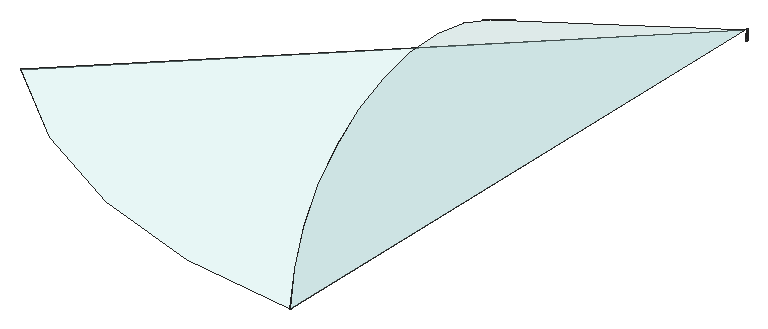
Revit family "Rotor 5000 Series - 5004+PCSAMRNS", category Acessórios do tubo, Revit 2020
Family settings
  Cota do conector redondo = Utilizar diâmetro
  Tipo de parte = Normal
  Número OmniClass = 23.60.30.11.14
  Título OmniClass = Pipework Fittings
  Com base no plano de trabalho = Não
  Sempre na vertical = Sim
  Corte com vazios quando carregada = Não
  Compartilhado = Não
Parameters (values of type "Rain Curtain 6.0")
  Water = Water
  URL = "https://www.rainbird.com/"
  TABLE 65 = "TABLE 65psi"
  TABLE 55 75 = "TABLE 55 75psi"
  TABLE 55 = "TABLE 55psi"
  TABLE 45 = "TABLE 45psi"
  TABLE 35 = "TABLE 35psi"
  TABLE 25 = "TABLE 25psi"
  SupportProjetos: Reviw Date = ""  # constant formula
  SupportProjetos: Reviw = "R00"  # constant formula
  SupportProjetos: Level of Detail = "LOD 300"  # constant formula
  SupportProjetos: Developed = "MICHEL SOARES MOTA"  # constant formula
  SupportProjetos: Creation Date = "07/08/2020"  # constant formula
  Side inlet = no
  Rotation Water Visibility [instance] = Pop up on  # yes
  Rotation Angle [instance] = 45.00°
  RainBird: Product Link = "https://www.rainbird.com/"
  RainBird: Description = "5004+PC-SAM-R-NP-S Rotor "  # constant formula
  RainBird: Comment [instance] = ""
  RainBird: Code = ""  # constant formula
  Radius [instance] = if(and(Pressure = 25.0 psi, Instance < 25 ft), size_lookup(TABLE 25, "Radius", 0 ft, Instance), if(and(Pressure = 35.0 psi, Instance < 25 ft), size_lookup(TABLE 35, "Radius", 0 ft, Instance), if(and(Pressure = 45.0 psi, Instance < 25 ft), size_lookup(TABLE 45, "Radius", 0 ft, Instance), if(and(Pressure = 55.0 psi, Instance < 13 ft), size_lookup(TABLE 55, "Radius", 0 ft, Instance), if(and(Pressure = 65.0 psi, Instance < 13 ft), size_lookup(TABLE 65, "Radius", 0 ft, Instance), if(and(Pressure > 55.0 psi, Instance > 13 ft), size_lookup(TABLE 55 75, "Radius", 0 ft, Instance), 0 ft))))))  # 50 ft
  RT = 0.009893 ft
  RN = 0.032808 ft
  R5 = 0.03937 ft
  R4 = 0.04101 ft
  R3 = 0.065617 ft
  R2 = 0.075407 ft
  R1 = 0.032808 ft
  Pressure [instance] = 55.0 psi
  Pop up height = 0.334646 ft
  Pop up on [instance] = yes
  Modelo = "5004+PCSAMRNS"  # constant formula
  Instance = 7 ft
  H1 = Body height / 3  # 0.194663 ft
  Flow [instance] = if(and(Pressure = 25.0 psi, Instance < 25 ft), size_lookup(TABLE 25, "Flow", 0.0 GPM, Instance), if(and(Pressure = 35.0 psi, Instance < 25 ft), size_lookup(TABLE 35, "Flow", 0.0 GPM, Instance), if(and(Pressure = 45.0 psi, Instance < 25 ft), size_lookup(TABLE 45, "Flow", 0.0 GPM, Instance), if(and(Pressure = 55.0 psi, Instance < 13 ft), size_lookup(TABLE 55, "Flow", 0.0 GPM, Instance), if(and(Pressure = 65.0 psi, Instance < 13 ft), size_lookup(TABLE 65, "Flow", 0.0 GPM, Instance), if(and(Pressure > 55.0 psi, Instance > 13 ft), size_lookup(TABLE 55 75, "Flow", 0.0 GPM, Instance), 0.0 GPM))))))  # 6.63 GPM
  Fabricante = "Rain Bird"
  Elevação padrão = 0 ft
  Description = RainBird: Description  # "5004+PC-SAM-R-NP-S Rotor "
  DD13 = 0.002625 ft
  DD12 = 0.003937 ft
  DD11 = 0.009897 ft
  DD10 = 0.016404 ft
  DD8 [instance] = if(Pop up on, Pop up height, 0 ft)  # 0.334646 ft
  DD7 = 0.019685 ft
  DD6 [instance] = 0.016404 ft
  DD5 = 0.065617 ft
  DD4 = 0.032808 ft
  DD3 = 0.091048 ft
  DD2 [instance] = 0.024514 ft
  DD9 [instance] = if(Pop up on, Pop up height + 0.049541 ft, 0 ft)  # 0.384186 ft
  DD1 = 0.006562 ft
  Conection = 0.062664 ft  # constant formula
  Body height = 0.58399 ft
  Blue = Blue Plastic
  Black Plastic = Black Plastic
  Angle = 25.00°
Types (25, lengths in ft): name | Rotation Angle | Radius | Pressure | Instance | Flow
  (no name) | 45.00° | 50 | 55.0 psi | 7 | 6.63 GPM
  Rain Curtain 1.5 | 180.00° | 33 | 25.0 psi | 1 | 1.12 GPM
  Rain Curtain 2.0 | 180.00° | 35 | 25.0 psi | 2 | 1.5 GPM
  Rain Curtain 3.0 | 180.00° | 36 | 25.0 psi | 4 | 2.26 GPM
  Rain Curtain 4.0 | 180.00° | 36 | 25.0 psi | 5 | 2.91 GPM
  Rain Curtain 5.0 | 180.00° | 37 | 25.0 psi | 6 | 3.72 GPM
  Rain Curtain 6.0 | 45.00° | 50 | 55.0 psi | 7 | 6.63 GPM
  Rain Curtain 8.0 | 180.00° | 33 | 25.0 psi | 8 | 5.9 GPM
  Rain Curtain 2.5 | 180.00° | 35 | 25.0 psi | 3 | 1.81 GPM
  1.0 LA | 180.00° | 25 | 25.0 psi | 9 | 0.76 GPM
  1.5 LA | 180.00° | 27 | 25.0 psi | 10 | 1.15 GPM
  2.0 LA | 180.00° | 29 | 25.0 psi | 11 | 1.47 GPM
  3.0 LA | 180.00° | 29 | 25.0 psi | 12 | 2.23 GPM
  PRS Rain Curtain 1.5 | 180.00° | 33 | 25.0 psi | 13 | 1.12 GPM
  PRS Rain Curtain 2.0 | 180.00° | 35 | 25.0 psi | 14 | 1.5 GPM
  PRS Rain Curtain 2.5 | 180.00° | 35 | 25.0 psi | 15 | 1.81 GPM
  PRS Rain Curtain 3.0 | 180.00° | 36 | 25.0 psi | 16 | 2.26 GPM
  PRS Rain Curtain 4.0 | 180.00° | 36 | 25.0 psi | 17 | 2.91 GPM
  PRS Rain Curtain 5.0 | 180.00° | 37 | 25.0 psi | 18 | 3.72 GPM
  PRS Rain Curtain 6.0 | 180.00° | 37 | 25.0 psi | 19 | 4.25 GPM
  PRS Rain Curtain 8.0 | 180.00° | 33 | 25.0 psi | 20 | 5.9 GPM
  PRS 1.0 LA | 180.00° | 25 | 25.0 psi | 21 | 0.76 GPM
  PRS 1.5 LA | 180.00° | 27 | 25.0 psi | 22 | 1.15 GPM
  PRS 2.0 LA | 180.00° | 29 | 25.0 psi | 23 | 1.47 GPM
  PRS 3.0 LA | 180.00° | 29 | 25.0 psi | 24 | 2.23 GPM
Reference planes (ft)
  plane 1 "Centro (Frente/Trás)": y = 0
  plane 2: z = 0
  plane 3 "Centro (Esquerda/Direita)": x = 0
  plane 4: z = 0.003937
  plane 5: z = 0.002625
  plane 6: y = -0.065617
Forms (ft)
  Revolve 1, solid, material "Black Plastic" <- "Black Plastic"
    sketch origin (0, 0, 0) x (1, 0, 0) y (0, 0, 1)
      loop
        line (0.075407, -0.091048) -> (0.075407, -0.035324)
        arc (0.075407, -0.035324) -> (0.072509, -0.028329) -> (0.065514, -0.025431) r 0.009893
        line (0.065514, -0.025431) -> (0.046098, -0.025431) -> (0.046098, 0) -> (0.03937, 0) -> (0.03937, -0.334646) -> (0.019685, -0.334646) -> (0.019685, -0.577428) -> (0.032808, -0.577428) -> (0.032808, -0.58399) -> (0.04101, -0.58399) -> (0.04101, -0.577428) -> (0.055724, -0.577428)
        arc (0.055724, -0.577428) -> (0.062719, -0.57453) -> (0.065617, -0.567535) r 0.009893
        line (0.065617, -0.567535) -> (0.065617, -0.091048) -> (0.075407, -0.091048)
      axis (0, -0.58399) -> (0, 0)
    angle from 0 to 360
  Extrusion 2, solid, material "Black Plastic" <- "Black Plastic"
    sketch origin (0, 0, 0) x (1, 0, 0) y (0, 1, 0)
      loop
        circle (0, 0) r 0.032808
    from -0.334646 to 0.334646
  Extrusion 3, void
    sketch origin (0, 0, 0) x (1, 0, 0) y (0, 1, 0)
      loop
        circle (0, 0) r 0.022844
    from -0.334646 to 0.334646
  Revolve 4, solid, material "Black Plastic" <- "Black Plastic"
    sketch origin (0, 0, 0) x (1, 0, 0) y (0, 0, 1)
      loop
        line (0, 0.334646) -> (0.037004, 0.334646) -> (0.037004, 0.344543)
        arc (0.037004, 0.344543) -> (0.01879, 0.349436) -> (0, 0.35105) r 0.10685
        line (0, 0.35105) -> (0, 0.334646)
      axis (0, 0.334646) -> (0, 0.35105)
    angle from 0 to 360
  Extrusion 5, solid, material "Blue Plastic" <- "Blue"
    sketch origin (0, 0, 0) x (1, 0, 0) y (0, 0, 1)
      loop
        circle (0, 0.310131) r 0.009129
      loop
        circle (0, 0.310131) r 0.004793
    from 0 to 0.034386
  Extrusion 6, void
    sketch origin (0, 0, 0) x (1, 0, 0) y (0, 0, 1)
      loop
        line (-0.02074, 0.328055) -> (-0.02074, 0.282426) -> (0.020672, 0.282426) -> (0.020672, 0.328055) -> (-0.02074, 0.328055)
      loop
        line (-0.018439, 0.325179) -> (-0.018439, 0.285685) -> (0.018179, 0.285685) -> (0.018179, 0.325179) -> (-0.018439, 0.325179)
    from 0.024556 to 0.06931
  Extrusion 7, solid, material "Black Plastic" <- "Black Plastic"
    sketch origin (0, 0, 0) x (1, 0, 0) y (0, 0, 1)
      loop
        line (0.046098, 0) -> (0.046098, -0.036876) -> (0.073493, -0.036876) -> (0.046098, 0)
    from -0.002998 to 0.002998
  Extrusion 8, solid, material "Black Plastic" <- "Black Plastic"
    sketch origin (0, 0, 0) x (-1, 0, 0) y (0, 0, -1)
      loop
        line (0.046098, 0) -> (0.073493, 0.036876) -> (0.046098, 0.036876) -> (0.046098, 0)
    from -0.002998 to 0.002998
  Extrusion 9, solid, material "Black Plastic" <- "Black Plastic"
    sketch origin (0, 0, 0) x (0.866025, 0.5, 0) y (0, 0, 1)
      loop
        line (0.046098, 0) -> (0.046098, -0.036876) -> (0.073493, -0.036876) -> (0.046098, 0)
    from -0.002998 to 0.002998
  Extrusion 10, solid, material "Black Plastic" <- "Black Plastic"
    sketch origin (0, 0, 0) x (-0.866025, -0.5, 0) y (0, 0, -1)
      loop
        line (0.046098, 0) -> (0.073493, 0.036876) -> (0.046098, 0.036876) -> (0.046098, 0)
    from -0.002998 to 0.002998
  Extrusion 11, solid, material "Black Plastic" <- "Black Plastic"
    sketch origin (0, 0, 0) x (0, 1, 0) y (0, 0, 1)
      loop
        line (0.046098, 0) -> (0.046098, -0.036876) -> (0.073493, -0.036876) -> (0.046098, 0)
    from -0.002998 to 0.002998
  Extrusion 12, solid, material "Black Plastic" <- "Black Plastic"
    sketch origin (0, 0, 0) x (0, -1, 0) y (0, 0, -1)
      loop
        line (0.046098, 0) -> (0.073493, 0.036876) -> (0.046098, 0.036876) -> (0.046098, 0)
    from -0.002998 to 0.002998
  Extrusion 13, solid, material "Black Plastic" <- "Black Plastic"
    sketch origin (0, 0, 0) x (0.5, 0.866025, 0) y (0, 0, 1)
      loop
        line (0.046098, 0) -> (0.046098, -0.036876) -> (0.073493, -0.036876) -> (0.046098, 0)
    from -0.002998 to 0.002998
  Extrusion 14, solid, material "Black Plastic" <- "Black Plastic"
    sketch origin (0, 0, 0) x (-0.5, -0.866025, 0) y (0, 0, -1)
      loop
        line (0.046098, 0) -> (0.073493, 0.036876) -> (0.046098, 0.036876) -> (0.046098, 0)
    from -0.002998 to 0.002998
  Extrusion 15, solid, material "Black Plastic" <- "Black Plastic"
    sketch origin (0, 0, 0) x (-0.5, 0.866025, 0) y (0, 0, 1)
      loop
        line (0.046098, 0) -> (0.046098, -0.036876) -> (0.073493, -0.036876) -> (0.046098, 0)
    from -0.002998 to 0.002998
  Extrusion 16, solid, material "Black Plastic" <- "Black Plastic"
    sketch origin (0, 0, 0) x (0.5, -0.866025, 0) y (0, 0, -1)
      loop
        line (0.046098, 0) -> (0.073493, 0.036876) -> (0.046098, 0.036876) -> (0.046098, 0)
    from -0.002998 to 0.002998
  Extrusion 17, solid, material "Black Plastic" <- "Black Plastic"
    sketch origin (0, 0, 0) x (-0.866025, 0.5, 0) y (0, 0, 1)
      loop
        line (0.046098, 0) -> (0.046098, -0.036876) -> (0.073493, -0.036876) -> (0.046098, 0)
    from -0.002998 to 0.002998
  Extrusion 18, solid, material "Black Plastic" <- "Black Plastic"
    sketch origin (0, 0, 0) x (0.866025, -0.5, 0) y (0, 0, -1)
      loop
        line (0.046098, 0) -> (0.073493, 0.036876) -> (0.046098, 0.036876) -> (0.046098, 0)
    from -0.002998 to 0.002998
  Extrusion 19, void
    sketch origin (0, 0, 0) x (1, 0, 0) y (0, 1, 0)
      loop
        line (-0.002998, 0.077702) -> (-0.002998, 0.071655) -> (0.002998, 0.071655) -> (0.002998, 0.077702) -> (-0.002998, 0.077702)
    from -0.091048 to 0.82021
  Extrusion 20, void
    sketch origin (0, 0, 0) x (1, 0, 0) y (0, 1, 0)
      loop
        line (0.002998, -0.077702) -> (0.002998, -0.071655) -> (-0.002998, -0.071655) -> (-0.002998, -0.077702) -> (0.002998, -0.077702)
    from -0.091048 to 0.82021
  Extrusion 21, void
    sketch origin (0, 0, 0) x (0.965926, 0.258819, 0) y (-0.258819, 0.965926, 0)
      loop
        line (-0.002998, 0.077702) -> (-0.002998, 0.071655) -> (0.002998, 0.071655) -> (0.002998, 0.077702) -> (-0.002998, 0.077702)
    from -0.091048 to 0.82021
  Extrusion 22, void
    sketch origin (0, 0, 0) x (0.965926, 0.258819, 0) y (-0.258819, 0.965926, 0)
      loop
        line (0.002998, -0.077702) -> (0.002998, -0.071655) -> (-0.002998, -0.071655) -> (-0.002998, -0.077702) -> (0.002998, -0.077702)
    from -0.091048 to 0.82021
  Extrusion 23, void
    sketch origin (0, 0, 0) x (0.866025, 0.5, 0) y (-0.5, 0.866025, 0)
      loop
        line (-0.002998, 0.077702) -> (-0.002998, 0.071655) -> (0.002998, 0.071655) -> (0.002998, 0.077702) -> (-0.002998, 0.077702)
    from -0.091048 to 0.82021
  Extrusion 24, void
    sketch origin (0, 0, 0) x (0.866025, 0.5, 0) y (-0.5, 0.866025, 0)
      loop
        line (0.002998, -0.077702) -> (0.002998, -0.071655) -> (-0.002998, -0.071655) -> (-0.002998, -0.077702) -> (0.002998, -0.077702)
    from -0.091048 to 0.82021
  Extrusion 25, void
    sketch origin (0, 0, 0) x (0.5, 0.866025, 0) y (-0.866025, 0.5, 0)
      loop
        line (-0.002998, 0.077702) -> (-0.002998, 0.071655) -> (0.002998, 0.071655) -> (0.002998, 0.077702) -> (-0.002998, 0.077702)
    from -0.091048 to 0.82021
  Extrusion 26, void
    sketch origin (0, 0, 0) x (0.5, 0.866025, 0) y (-0.866025, 0.5, 0)
      loop
        line (0.002998, -0.077702) -> (0.002998, -0.071655) -> (-0.002998, -0.071655) -> (-0.002998, -0.077702) -> (0.002998, -0.077702)
    from -0.091048 to 0.82021
  Extrusion 27, void
    sketch origin (0, 0, 0) x (0.707107, 0.707107, 0) y (-0.707107, 0.707107, 0)
      loop
        line (-0.002998, 0.077702) -> (-0.002998, 0.071655) -> (0.002998, 0.071655) -> (0.002998, 0.077702) -> (-0.002998, 0.077702)
    from -0.091048 to 0.82021
  Extrusion 28, void
    sketch origin (0, 0, 0) x (0.707107, 0.707107, 0) y (-0.707107, 0.707107, 0)
      loop
        line (0.002998, -0.077702) -> (0.002998, -0.071655) -> (-0.002998, -0.071655) -> (-0.002998, -0.077702) -> (0.002998, -0.077702)
    from -0.091048 to 0.82021
  Extrusion 29, void
    sketch origin (0, 0, 0) x (0.258819, 0.965926, 0) y (-0.965926, 0.258819, 0)
      loop
        line (-0.002998, 0.077702) -> (-0.002998, 0.071655) -> (0.002998, 0.071655) -> (0.002998, 0.077702) -> (-0.002998, 0.077702)
    from -0.091048 to 0.82021
  Extrusion 30, void
    sketch origin (0, 0, 0) x (0.258819, 0.965926, 0) y (-0.965926, 0.258819, 0)
      loop
        line (0.002998, -0.077702) -> (0.002998, -0.071655) -> (-0.002998, -0.071655) -> (-0.002998, -0.077702) -> (0.002998, -0.077702)
    from -0.091048 to 0.82021
  Extrusion 31, void
    sketch origin (0, 0, 0) x (0, 1, 0) y (-1, 0, 0)
      loop
        line (-0.002998, 0.077702) -> (-0.002998, 0.071655) -> (0.002998, 0.071655) -> (0.002998, 0.077702) -> (-0.002998, 0.077702)
    from -0.091048 to 0.82021
  Extrusion 32, void
    sketch origin (0, 0, 0) x (0, 1, 0) y (-1, 0, 0)
      loop
        line (0.002998, -0.077702) -> (0.002998, -0.071655) -> (-0.002998, -0.071655) -> (-0.002998, -0.077702) -> (0.002998, -0.077702)
    from -0.091048 to 0.82021
  Extrusion 33, void
    sketch origin (0, 0, 0) x (-0.258819, 0.965926, 0) y (-0.965926, -0.258819, 0)
      loop
        line (-0.002998, 0.077702) -> (-0.002998, 0.071655) -> (0.002998, 0.071655) -> (0.002998, 0.077702) -> (-0.002998, 0.077702)
    from -0.091048 to 0.82021
  Extrusion 34, void
    sketch origin (0, 0, 0) x (-0.258819, 0.965926, 0) y (-0.965926, -0.258819, 0)
      loop
        line (0.002998, -0.077702) -> (0.002998, -0.071655) -> (-0.002998, -0.071655) -> (-0.002998, -0.077702) -> (0.002998, -0.077702)
    from -0.091048 to 0.82021
  Extrusion 35, void
    sketch origin (0, 0, 0) x (-0.5, 0.866025, 0) y (-0.866025, -0.5, 0)
      loop
        line (-0.002998, 0.077702) -> (-0.002998, 0.071655) -> (0.002998, 0.071655) -> (0.002998, 0.077702) -> (-0.002998, 0.077702)
    from -0.091048 to 0.82021
  Extrusion 36, void
    sketch origin (0, 0, 0) x (-0.5, 0.866025, 0) y (-0.866025, -0.5, 0)
      loop
        line (0.002998, -0.077702) -> (0.002998, -0.071655) -> (-0.002998, -0.071655) -> (-0.002998, -0.077702) -> (0.002998, -0.077702)
    from -0.091048 to 0.82021
  Extrusion 37, void
    sketch origin (0, 0, 0) x (-0.707107, 0.707107, 0) y (-0.707107, -0.707107, 0)
      loop
        line (-0.002998, 0.077702) -> (-0.002998, 0.071655) -> (0.002998, 0.071655) -> (0.002998, 0.077702) -> (-0.002998, 0.077702)
    from -0.091048 to 0.82021
  Extrusion 38, void
    sketch origin (0, 0, 0) x (-0.707107, 0.707107, 0) y (-0.707107, -0.707107, 0)
      loop
        line (0.002998, -0.077702) -> (0.002998, -0.071655) -> (-0.002998, -0.071655) -> (-0.002998, -0.077702) -> (0.002998, -0.077702)
    from -0.091048 to 0.82021
  Extrusion 39, void
    sketch origin (0, 0, 0) x (-0.866025, 0.5, 0) y (-0.5, -0.866025, 0)
      loop
        line (-0.002998, 0.077702) -> (-0.002998, 0.071655) -> (0.002998, 0.071655) -> (0.002998, 0.077702) -> (-0.002998, 0.077702)
    from -0.091048 to 0.82021
  Extrusion 40, void
    sketch origin (0, 0, 0) x (-0.866025, 0.5, 0) y (-0.5, -0.866025, 0)
      loop
        line (0.002998, -0.077702) -> (0.002998, -0.071655) -> (-0.002998, -0.071655) -> (-0.002998, -0.077702) -> (0.002998, -0.077702)
    from -0.091048 to 0.82021
  Extrusion 41, void
    sketch origin (0, 0, 0) x (-0.965926, 0.258819, 0) y (-0.258819, -0.965926, 0)
      loop
        line (-0.002998, 0.077702) -> (-0.002998, 0.071655) -> (0.002998, 0.071655) -> (0.002998, 0.077702) -> (-0.002998, 0.077702)
    from -0.091048 to 0.82021
  Extrusion 42, void
    sketch origin (0, 0, 0) x (-0.965926, 0.258819, 0) y (-0.258819, -0.965926, 0)
      loop
        line (0.002998, -0.077702) -> (0.002998, -0.071655) -> (-0.002998, -0.071655) -> (-0.002998, -0.077702) -> (0.002998, -0.077702)
    from -0.091048 to 0.82021
  Extrusion 43, solid, material "Water" <- "Water", visible <- "Rotation Water Visibility"
    sketch origin (0, 0, 0) x (0, 1, 0) y (0, 0, 1)
      loop
        line (-0.032808, 0.310131) -> (-28.112196, 13.403765)
        arc (-28.112196, 13.403765) -> (-42.542576, 12.666347) -> (-50.032808, 0.310131) r 15.426605
        line (-50.032808, 0.310131) -> (-0.032808, 0.310131)
    from -0.008202 to 0.008202
Cuts and joins
  Extrusion 3, Extrusion 6 cuts Extrusion 2
  Extrusion 19, Extrusion 20, Extrusion 21, Extrusion 22, Extrusion 23, Extrusion 24, Extrusion 25, Extrusion 26, Extrusion 27, Extrusion 28, Extrusion 29, Extrusion 30, Extrusion 31, Extrusion 32, Extrusion 33, Extrusion 34, Extrusion 35, Extrusion 36, Extrusion 37, Extrusion 38, Extrusion 39, Extrusion 40, Extrusion 41, Extrusion 42 cuts Revolve 1
Dimensions and locks (ft)
  "Body height": level to Revolve 1 sketch curve
  "R2": Revolve 1 sketch curve to plane 3 "Centro (Esquerda/Direita)"
  "DD1": Revolve 1 sketch curve to Revolve 1 sketch curve
  "DD3": level to Revolve 1 sketch curve
  Revolve 1 sketch curve to plane 3 "Centro (Esquerda/Direita)" = 0.065617 ft
  "R4": Revolve 1 sketch curve to plane 3 "Centro (Esquerda/Direita)"
  "RN": Revolve 1 sketch curve to plane 3 "Centro (Esquerda/Direita)"
  "Pop up height": level to Revolve 1 sketch curve
  "R5": plane 3 "Centro (Esquerda/Direita)" to Revolve 1 sketch curve
  "DD7": Revolve 1 sketch curve to plane 3 "Centro (Esquerda/Direita)"
  "DD8": Extrusion 2 to level
  "DD12": plane 4 to level
  "DD13": plane 5 to level
  "R3": plane 6 to plane 1 "Centro (Frente/Trás)"
  "DD5": Revolve 1 sketch curve to Revolve 1 sketch curve
  "DD10": Revolve 4 sketch curve to Revolve 4 sketch curve
  "DD11": Revolve 4 sketch curve to Revolve 4 sketch curve
  "DD2": Revolve 4 to Extrusion 5 sketch curve  (x2)
  Extrusion 7 to plane 3 "Centro (Esquerda/Direita)" = 0.046098 ft
  equal spacing: Extrusion 7, plane 1 "Centro (Frente/Trás)", Extrusion 7
  Extrusion 8 to Extrusion 8 = 0.005995 ft
  Extrusion 9 to Extrusion 9 = 0.005995 ft
  Extrusion 20 sketch curve to Extrusion 20 sketch curve = 0.005995 ft
  Extrusion 22 sketch curve to Extrusion 22 sketch curve = 0.005995 ft
  Extrusion 24 sketch curve to Extrusion 24 sketch curve = 0.005995 ft
  Extrusion 26 sketch curve to Extrusion 26 sketch curve = 0.005995 ft
  Extrusion 28 sketch curve to Extrusion 28 sketch curve = 0.005995 ft
  Extrusion 30 sketch curve to Extrusion 30 sketch curve = 0.005995 ft
  Extrusion 32 sketch curve to Extrusion 32 sketch curve = 0.005995 ft
  Extrusion 34 sketch curve to Extrusion 34 sketch curve = 0.005995 ft
  Extrusion 36 sketch curve to Extrusion 36 sketch curve = 0.005995 ft
  Extrusion 38 sketch curve to Extrusion 38 sketch curve = 0.005995 ft
  Extrusion 40 sketch curve to Extrusion 40 sketch curve = 0.005995 ft
  Extrusion 42 sketch curve to Extrusion 42 sketch curve = 0.005995 ft
  "DD4": plane 1 "Centro (Frente/Trás)" to Extrusion 43 sketch curve
  "DD2": Revolve 4 to Extrusion 43 sketch curve
  "Radius": Extrusion 43 sketch curve to Extrusion 43 sketch curve
  equal spacing: Extrusion 43, plane 3 "Centro (Esquerda/Direita)", Extrusion 43
  "DD6": Extrusion 43 to Extrusion 43
  "DD2": Revolve 4 to nested 1
  "RT": radius of Revolve 1 sketch curve  (x2)
  "R1": radius of Extrusion 2 sketch curve
  "Angle": angle Extrusion 43 sketch curve to Extrusion 43 sketch curve
  aligned and locked: level to plane 2
  aligned and locked: Revolve 1 sketch curve to Revolve 1 sketch curve
  aligned and locked: Extrusion 2 to Revolve 1
  aligned and locked: cut or joined group of Extrusion 2, Extrusion 3, Extrusion 6 to cut or joined group of Extrusion 2, Extrusion 3, Extrusion 6  (x2)
  aligned and locked: Revolve 4 sketch curve to cut or joined group of Extrusion 2, Extrusion 3, Extrusion 6
  aligned and locked: Extrusion 20 to Revolve 1
  aligned and locked: Extrusion 22 to Revolve 1
  aligned and locked: Extrusion 24 to Revolve 1
  aligned and locked: Extrusion 28 to Revolve 1
  aligned and locked: Extrusion 26 to Revolve 1
  aligned and locked: Extrusion 30 to Revolve 1
  aligned and locked: Extrusion 32 to Revolve 1
  aligned and locked: Extrusion 34 to Revolve 1
  aligned and locked: Revolve 1 to Extrusion 36
  aligned and locked: Revolve 1 to Extrusion 38
  aligned and locked: Extrusion 41 to Revolve 1
  aligned and locked: Extrusion 39 to Revolve 1
  aligned and locked: Extrusion 37 to Revolve 1
  aligned and locked: Extrusion 35 to Revolve 1
  aligned and locked: Extrusion 33 to Revolve 1
  aligned and locked: Extrusion 31 to Revolve 1
  aligned and locked: Extrusion 29 to Revolve 1
  aligned and locked: Revolve 1 to Extrusion 25
  aligned and locked: Revolve 1 to Extrusion 27
  aligned and locked: Revolve 1 to Extrusion 19
  aligned and locked: Revolve 1 to Extrusion 21
  aligned and locked: Revolve 1 to Extrusion 42
  aligned and locked: Revolve 1 to Extrusion 40
  aligned and locked: Revolve 1 to Extrusion 23
Automatic sketch dimensions
  plane 1 "Centro (Frente/Trás)" to Extrusion 2 sketch curve = 0 ft
  Extrusion 2 sketch curve to plane 3 "Centro (Esquerda/Direita)" = 0 ft
  plane 1 "Centro (Frente/Trás)" to Extrusion 3 sketch curve = 0 ft
  Extrusion 3 sketch curve to plane 3 "Centro (Esquerda/Direita)" = 0 ft
  Revolve 4 sketch curve to plane 3 "Centro (Esquerda/Direita)" = 0 ft  (x2)
  plane 3 "Centro (Esquerda/Direita)" to Revolve 4 sketch curve = 0.000284 ft
  plane 3 "Centro (Esquerda/Direita)" to Revolve 4 sketch curve = 0.037004 ft
  Revolve 4 sketch curve to Revolve 4 sketch curve = 0.015719 ft
  Revolve 4 sketch curve to Revolve 4 sketch curve = 0.114829 ft
  Extrusion 5 sketch curve to Extrusion 5 sketch curve = 0 ft
  Extrusion 5 sketch curve to plane 3 "Centro (Esquerda/Direita)" = 0 ft
  Extrusion 6 sketch curve to plane 3 "Centro (Esquerda/Direita)" = 0.02074 ft
  Extrusion 6 sketch curve to Extrusion 6 sketch curve = 0.002301 ft
  plane 3 "Centro (Esquerda/Direita)" to Extrusion 6 sketch curve = 0.018179 ft
  Extrusion 6 sketch curve to Extrusion 6 sketch curve = 0.002492 ft
  plane 4 to Extrusion 6 sketch curve = 0.278489 ft
  Extrusion 6 sketch curve to Extrusion 6 sketch curve = 0.003259 ft
  Extrusion 6 sketch curve to Extrusion 6 sketch curve = 0.039494 ft
  Extrusion 6 sketch curve to Extrusion 6 sketch curve = 0.002876 ft
  Extrusion 7 sketch curve to level = 0 ft
  plane 3 "Centro (Esquerda/Direita)" to Extrusion 7 sketch curve = 0.046098 ft
  Extrusion 7 sketch curve to Extrusion 7 sketch curve = 0.027396 ft
  Extrusion 7 sketch curve to Extrusion 7 sketch curve = 0.036876 ft
  Extrusion 8 sketch curve to level = 0 ft
  plane 3 "Centro (Esquerda/Direita)" to Extrusion 8 sketch curve = 0.046098 ft
  Extrusion 8 sketch curve to Extrusion 8 sketch curve = 0.027396 ft
  Extrusion 8 sketch curve to Extrusion 8 sketch curve = 0.036876 ft
  Extrusion 9 sketch curve to level = 0 ft
  Extrusion 9 sketch curve to level = 0.036876 ft
  Extrusion 9 sketch curve to Extrusion 9 sketch curve = 0.027396 ft
  Extrusion 10 sketch curve to level = 0 ft
  Extrusion 10 sketch curve to level = 0.036876 ft
  Extrusion 10 sketch curve to Extrusion 10 sketch curve = 0.027396 ft
  Extrusion 11 sketch curve to level = 0 ft
  Extrusion 11 sketch curve to plane 1 "Centro (Frente/Trás)" = 0.046098 ft
  Extrusion 11 sketch curve to Extrusion 11 sketch curve = 0.027396 ft
  Extrusion 11 sketch curve to Extrusion 11 sketch curve = 0.036876 ft
  Extrusion 12 sketch curve to level = 0 ft
  plane 6 to Extrusion 12 sketch curve = 0.019519 ft
  Extrusion 12 sketch curve to plane 6 = 0.007877 ft
  Extrusion 12 sketch curve to level = 0.036876 ft
  Extrusion 13 sketch curve to level = 0 ft
  Extrusion 13 sketch curve to level = 0.036876 ft
  Extrusion 13 sketch curve to Extrusion 13 sketch curve = 0.027396 ft
  Extrusion 14 sketch curve to level = 0 ft
  Extrusion 14 sketch curve to level = 0.036876 ft
  Extrusion 14 sketch curve to Extrusion 14 sketch curve = 0.027396 ft
  level to Extrusion 15 sketch curve = 0 ft
  Extrusion 15 sketch curve to level = 0.036876 ft
  Extrusion 15 sketch curve to Extrusion 15 sketch curve = 0.027396 ft
  level to Extrusion 16 sketch curve = 0 ft
  Extrusion 16 sketch curve to level = 0.036876 ft
  Extrusion 16 sketch curve to Extrusion 16 sketch curve = 0.027396 ft
  level to Extrusion 17 sketch curve = 0 ft
  Extrusion 17 sketch curve to level = 0.036876 ft
  Extrusion 17 sketch curve to Extrusion 17 sketch curve = 0.027396 ft
  level to Extrusion 18 sketch curve = 0 ft
  Extrusion 18 sketch curve to level = 0.036876 ft
  Extrusion 18 sketch curve to Extrusion 18 sketch curve = 0.027396 ft
  Extrusion 19 sketch curve to plane 3 "Centro (Esquerda/Direita)" = 0.002998 ft
  Extrusion 19 sketch curve to plane 1 "Centro (Frente/Trás)" = 0.071655 ft
  Extrusion 19 sketch curve to Extrusion 19 sketch curve = 0.006047 ft
  plane 3 "Centro (Esquerda/Direita)" to Extrusion 20 sketch curve = 0.002998 ft
  plane 6 to Extrusion 20 sketch curve = 0.006038 ft
  Extrusion 20 sketch curve to Extrusion 20 sketch curve = 0.006047 ft
  plane 3 "Centro (Esquerda/Direita)" to Extrusion 19 sketch curve = 0.002998 ft
  Extrusion 21 sketch curve to plane 3 "Centro (Esquerda/Direita)" = 0.021441 ft
  Extrusion 21 sketch curve to plane 1 "Centro (Frente/Trás)" = 0.068438 ft
  Extrusion 21 sketch curve to Extrusion 21 sketch curve = 0.005995 ft
  Extrusion 21 sketch curve to Extrusion 21 sketch curve = 0.006047 ft
  Extrusion 22 sketch curve to plane 6 = 0.010213 ft
  plane 3 "Centro (Esquerda/Direita)" to Extrusion 22 sketch curve = 0.017215 ft
  Extrusion 22 sketch curve to Extrusion 22 sketch curve = 0.006047 ft
  Extrusion 23 sketch curve to plane 3 "Centro (Esquerda/Direita)" = 0.038424 ft
  Extrusion 23 sketch curve to plane 1 "Centro (Frente/Trás)" = 0.060556 ft
  Extrusion 23 sketch curve to Extrusion 23 sketch curve = 0.005995 ft
  Extrusion 23 sketch curve to Extrusion 23 sketch curve = 0.006047 ft
  Extrusion 24 sketch curve to plane 6 = 0.003174 ft
  plane 3 "Centro (Esquerda/Direita)" to Extrusion 24 sketch curve = 0.036255 ft
  Extrusion 24 sketch curve to Extrusion 24 sketch curve = 0.006047 ft
  Extrusion 25 sketch curve to plane 1 "Centro (Frente/Trás)" = 0.033231 ft
  Extrusion 25 sketch curve to plane 3 "Centro (Esquerda/Direita)" = 0.063554 ft
  Extrusion 25 sketch curve to Extrusion 25 sketch curve = 0.005995 ft
  Extrusion 25 sketch curve to Extrusion 25 sketch curve = 0.006047 ft
  Extrusion 26 sketch curve to plane 6 = 0.02417 ft
  Extrusion 26 sketch curve to plane 3 "Centro (Esquerda/Direita)" = 0.065793 ft
  Extrusion 26 sketch curve to Extrusion 26 sketch curve = 0.006047 ft
  Extrusion 27 sketch curve to plane 1 "Centro (Frente/Trás)" = 0.048548 ft
  Extrusion 27 sketch curve to plane 3 "Centro (Esquerda/Direita)" = 0.052787 ft
  Extrusion 27 sketch curve to Extrusion 27 sketch curve = 0.005995 ft
  Extrusion 27 sketch curve to Extrusion 27 sketch curve = 0.006047 ft
  plane 6 to Extrusion 28 sketch curve = 0.008554 ft
  plane 3 "Centro (Esquerda/Direita)" to Extrusion 28 sketch curve = 0.052824 ft
  Extrusion 28 sketch curve to Extrusion 28 sketch curve = 0.006047 ft
  Extrusion 29 sketch curve to plane 1 "Centro (Frente/Trás)" = 0.01565 ft
  Extrusion 29 sketch curve to plane 3 "Centro (Esquerda/Direita)" = 0.069989 ft
  Extrusion 29 sketch curve to Extrusion 29 sketch curve = 0.005995 ft
  Extrusion 29 sketch curve to Extrusion 29 sketch curve = 0.006047 ft
  plane 1 "Centro (Frente/Trás)" to Extrusion 30 sketch curve = 0.023006 ft
  plane 3 "Centro (Esquerda/Direita)" to Extrusion 30 sketch curve = 0.074278 ft
  Extrusion 30 sketch curve to Extrusion 30 sketch curve = 0.006047 ft
  plane 1 "Centro (Frente/Trás)" to Extrusion 31 sketch curve = 0.002998 ft
  Extrusion 31 sketch curve to plane 1 "Centro (Frente/Trás)" = 0.002998 ft
  Extrusion 31 sketch curve to plane 3 "Centro (Esquerda/Direita)" = 0.071655 ft
  Extrusion 31 sketch curve to Extrusion 31 sketch curve = 0.006047 ft
  plane 1 "Centro (Frente/Trás)" to Extrusion 32 sketch curve = 0.002998 ft
  plane 3 "Centro (Esquerda/Direita)" to Extrusion 32 sketch curve = 0.077702 ft
  Extrusion 32 sketch curve to Extrusion 32 sketch curve = 0.006047 ft
  plane 1 "Centro (Frente/Trás)" to Extrusion 33 sketch curve = 0.021441 ft
  Extrusion 33 sketch curve to plane 3 "Centro (Esquerda/Direita)" = 0.068438 ft
  Extrusion 33 sketch curve to Extrusion 33 sketch curve = 0.005995 ft
  Extrusion 33 sketch curve to Extrusion 33 sketch curve = 0.006047 ft
  Extrusion 34 sketch curve to plane 1 "Centro (Frente/Trás)" = 0.017215 ft
  plane 3 "Centro (Esquerda/Direita)" to Extrusion 34 sketch curve = 0.07583 ft
  Extrusion 34 sketch curve to Extrusion 34 sketch curve = 0.006047 ft
  plane 6 to Extrusion 35 sketch curve = 0.027193 ft
  Extrusion 35 sketch curve to plane 3 "Centro (Esquerda/Direita)" = 0.060556 ft
  Extrusion 35 sketch curve to Extrusion 35 sketch curve = 0.005995 ft
  Extrusion 35 sketch curve to Extrusion 35 sketch curve = 0.006047 ft
  Extrusion 36 sketch curve to plane 1 "Centro (Frente/Trás)" = 0.036255 ft
  plane 3 "Centro (Esquerda/Direita)" to Extrusion 36 sketch curve = 0.068791 ft
  Extrusion 36 sketch curve to Extrusion 36 sketch curve = 0.006047 ft
  plane 6 to Extrusion 37 sketch curve = 0.012829 ft
  Extrusion 37 sketch curve to plane 3 "Centro (Esquerda/Direita)" = 0.048548 ft
  Extrusion 37 sketch curve to Extrusion 37 sketch curve = 0.005995 ft
  Extrusion 37 sketch curve to Extrusion 37 sketch curve = 0.006047 ft
  Extrusion 38 sketch curve to plane 1 "Centro (Frente/Trás)" = 0.052824 ft
  plane 3 "Centro (Esquerda/Direita)" to Extrusion 38 sketch curve = 0.057063 ft
  Extrusion 38 sketch curve to Extrusion 38 sketch curve = 0.006047 ft
  plane 6 to Extrusion 39 sketch curve = 0.002063 ft
  Extrusion 39 sketch curve to plane 3 "Centro (Esquerda/Direita)" = 0.033231 ft
  Extrusion 39 sketch curve to Extrusion 39 sketch curve = 0.005995 ft
  Extrusion 39 sketch curve to Extrusion 39 sketch curve = 0.006047 ft
  plane 3 "Centro (Esquerda/Direita)" to Extrusion 40 sketch curve = 0.041447 ft
  Extrusion 40 sketch curve to plane 1 "Centro (Frente/Trás)" = 0.065793 ft
  Extrusion 40 sketch curve to Extrusion 40 sketch curve = 0.006047 ft
  Extrusion 41 sketch curve to plane 6 = 0.004372 ft
  Extrusion 41 sketch curve to plane 3 "Centro (Esquerda/Direita)" = 0.01565 ft
  Extrusion 41 sketch curve to Extrusion 41 sketch curve = 0.005995 ft
  Extrusion 41 sketch curve to Extrusion 41 sketch curve = 0.006047 ft
  plane 3 "Centro (Esquerda/Direita)" to Extrusion 42 sketch curve = 0.023006 ft
  Extrusion 42 sketch curve to plane 1 "Centro (Frente/Trás)" = 0.074278 ft
  Extrusion 42 sketch curve to Extrusion 42 sketch curve = 0.006047 ft
  Revolve 1 sketch curve to plane 3 "Centro (Esquerda/Direita)" = 0 ft
  Revolve 1 sketch curve to level = 0 ft
  Revolve 1 sketch curve to Revolve 1 sketch curve = 0.019416 ft
  plane 4 to Revolve 1 sketch curve = 0.079347 ft
  Revolve 1 sketch curve to Revolve 1 sketch curve = 0.918635 ft
  Extrusion 43 sketch curve to level = 0.577487 ft
  radius of Extrusion 3 sketch curve = 0.022844 ft
  radius of Extrusion 5 sketch curve = 0.009129 ft
  radius of Extrusion 5 sketch curve = 0.004793 ft
Nested families (ft)
  nested 1: "Water" at (0.00015, 0, 0.190874) x (0, -1, 0) z (0, 0, 1), DT9 <- "DD4", Radius <- "Radius", visible <- "Rotation Water Visibility", Rotation Angle <- "Rotation Angle", type "Water"
    with Rotation Angle 45.00°, Radius 50 ft, DT9 0.032808 ft, DT8 0 ft, DT7 200 ft, DT4 250 ft, Angle 2 315.00°
Connectors (ft)
  piping at (0, 0, -0.58399), diameter 2
    settings: on cut or joined group of Revolve 1, Extrusion 19, Extrusion 20, Extrusion 21, Extrusion 22, Extrusion 23, Extrusion 24, Extrusion 25, Extrusion 26, Extrusion 27, Extrusion 28, Extrusion 29, Extrusion 30, Extrusion 31, Extrusion 32, Extrusion 33, Extrusion 34, Extrusion 35, Extrusion 36, Extrusion 37, Extrusion 38, Extrusion 39, Extrusion 40, Extrusion 41, Extrusion 42, index 1, connector inside diameter 609.6 mm, connector length 0 ft, flow factor 0, pipe flow 0.0 GPM, pressure drop 0.0 psi, fitting loss kfactor 0, connector angle 0.00°, fixture units 0, engagement length 0 ft, angle of deflection 0.00°, flow configuration 0, flow direction 0, fitting loss method 0, system type 28, joint type 0, gender type 0, connector reference index -1, connector utility 0, adjustable connector no, is connector primary yes, connector description ""
Definition of nested family "Water"
  Parameters (values of type "Water")
    Water Visibility (Circle) = yes
    Water = none
    URL = ""
    SupportProjetos: Reviw Date = ""  # constant formula
    SupportProjetos: Level of Detail = "LOD 300"  # constant formula
    SupportProjetos: Developed = "MICHEL SOARES MOTA"  # constant formula
    SupportProjetos: Creation Date = "16/07/2020"  # constant formula
    Rotation Angle [instance] = 90.00°
    Reviw = "R00"  # constant formula
    Radius [instance] = 14 ft
    Model = ""
    Default Elevation = 4 ft
    Description = ""
    DT9 [instance] = 0.032808 ft
    DT8 [instance] = if(Rotation Angle = 360.00°, 10 ft, 0 ft)  # 0 ft
    DT7 [instance] = 4 * Radius  # 56 ft
    DT4 [instance] = 5 * Radius  # 70 ft
    DT2 = 0.098425 ft  # constant formula
    DT6 = 0 ft
    Angle 2 [instance] = if(Rotation Angle = 360.00°, 180.00°, 360.00° - Rotation Angle)  # 270.00°
  Reference planes (ft)
    plane 1 "Centro (Frente/Trás)": y = 0
    plane 2: z = 0
    plane 3 "Centro (Esquerda/Direita)": x = 0
  Forms (ft)
    Revolve 1, solid, material <- "Water", visible <- "Water Visibility (Circle)"
      sketch origin (0, 0, 0) x (1, 0, 0) y (0, 0, 1)
        loop
          line (0.032808, 0.098425) -> (14.032808, 0.098425) -> (14.032808, 0.119259) -> (0.032808, 0.119259) -> (0.032808, 0.098425)
        axis (0, 0.098425) -> (0, 0.119259)
      angle from 0 to 360
    Extrusion 2, void
      sketch origin (0, 0, 0) x (1, 0, 0) y (0, 1, 0)
        loop
          line (0, 0) -> (70, 0) -> (70, 56)
          arc (70, 56) -> (-70.459018, 51.588344) -> (0, -70) r 81.847109
          line (0, -70) -> (0, 0)
      from 0 to 15.189231
  Cuts and joins
    Extrusion 2 cuts Revolve 1
  Dimensions and locks (ft)
    "DT2": Revolve 1 sketch curve to level
    "DT4": Extrusion 2 sketch curve to Extrusion 2 sketch curve  (x2)
    "DT6": Extrusion 2 sketch curve to plane 3 "Centro (Esquerda/Direita)"
    "DT7": Extrusion 2 sketch curve to Extrusion 2 sketch curve
    "DT8": cut or joined group of Revolve 1, Extrusion 2 to level
    "Radius": Revolve 1 sketch curve to Revolve 1 sketch curve
    "DT9": Revolve 1 sketch curve to plane 3 "Centro (Esquerda/Direita)"
    "Angle 2": angle Extrusion 2 sketch curve to Extrusion 2 sketch curve
    aligned and locked: level to plane 2
    aligned and locked: plane 1 "Centro (Frente/Trás)" to Extrusion 2 sketch curve
  Automatic sketch dimensions
    plane 3 "Centro (Esquerda/Direita)" to Extrusion 2 sketch curve = 1.088227 ft
    Revolve 1 sketch curve to plane 3 "Centro (Esquerda/Direita)" = 0 ft
    Revolve 1 sketch curve to Revolve 1 sketch curve = 0.020833 ft
    Revolve 1 sketch curve to Revolve 1 sketch curve = 0.032113 ft
    Revolve 1 sketch curve to Revolve 1 sketch curve = 10.2693 ft
